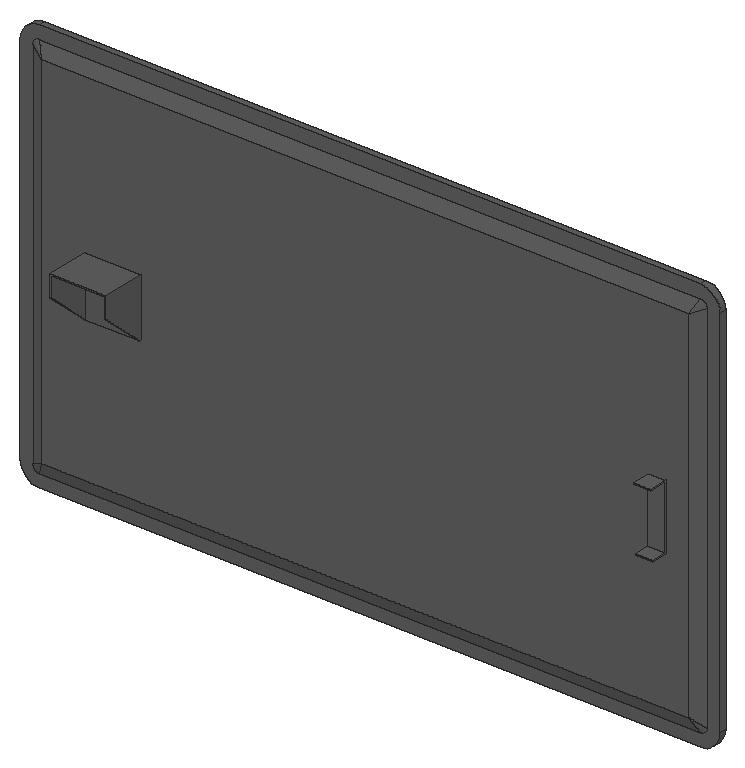
Revit family "Screen-Desk_Mounted-Teknion-JNSEEW-Felt_Elevated-R2018", category Furniture, Revit 2018
Family settings
  OmniClass Number = 23.40.20.00
  OmniClass Title = General Furniture and Specialties
  Work Plane-Based = No
  Always vertical = Yes
  Cut with Voids When Loaded = No
  Shared = Yes
  Room Calculation Point = No
Parameters (values of type "Support Connection on Right Mounting Style")
  Width [instance] = 54.000"
  Warranty = "http://www.teknion.com/ca/papers/legal-canada"
  Unit Weight URL = "http://www.teknion.com/ca/tools/assets#&asset=bee6a381-b954-425e-8283-5a2de3a804f2,f828d448-4b62-4231-9e5f-9a8991c0ed77"
  URL = "www.teknion.com"
  Sustainability Data = "http://www.teknion.com/ca/tools/assets#&topic=216f99a5-57a0-44fc-b10a-9dee9b29ae4c&asset=444deb64-fe58-4b68-981e-f75e97781df7"
  Support Connection on Right Mounting Style = yes
  Support Connection on Left Mounting Style = no
  Series = "Expansion Cityline"  # constant formula
  Right Worksurface Bracket = or(Has Worksurface Only Mounting Style, Support Connection on Left Mounting Style)  # no
  Product Page URL = "http://www.teknion.com/ca/products/product-details?productlineid=9ad2a26e-8e7a-673b-a6c8-ff05004460c4"
  Product Line = "Expansion Cityline"  # constant formula
  Product Documentation Link = "http://www.teknion.com/pricing/expansion-cityline/pdfs/JNSEEW_ppg.pdf"
  Part Number = "JNSEEW"  # constant formula
  Available Widths [instance] = if(or(Support Connection on Left Mounting Style, Support Connection on Right Mounting Style), "42, 48, 54, 60, 66, 72, 78, or 84 inches.", "24, 27, 30, 33, 36, 39, 42, 45, 48, 51, 54, 60, 63, 66, 69, 72, 75, 78, 81, or 84 inches.")  # "42, 48, 54, 60, 66, 72, 78, or 84 inches."
  Model = "JNSEEWR10____SR"
  Manufacturer Phone = "416-661-3370"  # constant formula
  Manufacturer Fax = "416.661.4586"  # constant formula
  Manufacturer Contact Information = "http://www.teknion.com/ca/contactus"
  Manufacturer Address = "1150 Flint Road, Toronto, ON. M3J 2J5. Canada"  # constant formula
  Manufacturer = "Teknion"  # constant formula
  Left Worksurface Bracket = or(Has Worksurface Only Mounting Style, Support Connection on Right Mounting Style)  # yes
  Height [instance] = 42.000"
  Has Worksurface Only Mounting Style = no
  Felt Finish [instance] = Fabric-Teknion-RB11-Carbon
  Description = "Felt Elevated Screen – Worksurface-Mounted, Support Connection on Right Mounting Style, 10\" from Floor Modesty Base Height, Standard Width Extension for Corner Application, Radius Corner Detail"
  Available Heights = "42, 51, or 57 inches."  # constant formula
  Assembly Code = "E2020200"
Types (3): name | Support Connection on Right Mounting Style | Support Connection on Left Mounting Style | Right Worksurface Bracket | Available Widths | Model | Left Worksurface Bracket | Has Worksurface Only Mounting Style | Description
  Has Worksurface Only Mounting Style | no | no | yes | "24, 27, 30, 33, 36, 39, 42, 45, 48, 51, 54, 60, 63, 66, 69, 72, 75, 78, 81, or 84 inches." | "JNSEEWW10____SR" | yes | yes | "Felt Elevated Screen – Worksurface-Mounted, Worksurface Only Mounting Style, 10\" from Floor Modesty Base Height, Standard Width Extension for Corner Application, Radius Corner Detail"
  Support Connection on Left Mounting Style | no | yes | yes | "42, 48, 54, 60, 66, 72, 78, or 84 inches." | "JNSEEWL10____SR" | no | no | "Felt Elevated Screen – Worksurface-Mounted, Support Connection on Left Mounting Style, 10\" from Floor Modesty Base Height, Standard Width Extension for Corner Application, Radius Corner Detail"
  Support Connection on Right Mounting Style | yes | no | no | "42, 48, 54, 60, 66, 72, 78, or 84 inches." | "JNSEEWR10____SR" | yes | no | "Felt Elevated Screen – Worksurface-Mounted, Support Connection on Right Mounting Style, 10\" from Floor Modesty Base Height, Standard Width Extension for Corner Application, Radius Corner Detail"
Reference planes (in)
  plane 1 "Center Front/Back": y = 0
  plane 2: z = 0
  plane 3 "Center Left/Right": x = 0
  plane 4 "Left": x = -27
  plane 5 "Right": x = 27
  plane 6 "Back": y = 0.27559
  plane 7 "Front": y = -0.27559
  plane 8 "Top": z = 42
  plane 9: y = -0.70276
  plane 10: y = 0.70276
Forms (in)
  Extrusion 1, solid, material "Fabric-Teknion-RB11-Carbon" <- "Felt Finish"
    sketch origin (54, -9.70276, 0) x (1, 0, 0) y (0, 0, 1)
      loop
        line (-28.5, 42) -> (-79.5, 42)
        arc (-79.5, 42) -> (-80.56066, 41.56066) -> (-81, 40.5) r 1.5
        line (-81, 40.5) -> (-81, 11.5)
        arc (-81, 11.5) -> (-80.56066, 10.43934) -> (-79.5, 10) r 1.5
        line (-79.5, 10) -> (-28.5, 10)
        arc (-28.5, 10) -> (-27.43934, 10.43934) -> (-27, 11.5) r 1.5
        line (-27, 11.5) -> (-27, 40.5)
        arc (-27, 40.5) -> (-27.43934, 41.56066) -> (-28.5, 42) r 1.5
    from -9.97835 to -9.42717
  Blend 2, solid, material "Fabric-Teknion-RB11-Carbon" <- "Felt Finish"
    base sketch origin (54, -0.70276, 0) x (-1, 0, 0) y (0, 0, 1)
      loop
        line (79.49996, 41) -> (28.50004, 41)
        arc (28.50004, 41) -> (28.14646, 40.85354) -> (28, 40.49996) r 0.50004
        line (28, 40.49996) -> (28, 11.50004)
        arc (28, 11.50004) -> (28.14646, 11.14646) -> (28.50004, 11) r 0.50004
        line (28.50004, 11) -> (79.49996, 11)
        arc (79.49996, 11) -> (79.85354, 11.14646) -> (80, 11.50004) r 0.50004
        line (80, 11.50004) -> (80, 40.49996)
        arc (80, 40.49996) -> (79.85354, 40.85354) -> (79.49996, 41) r 0.50004
    top sketch origin (54, -0.70276, 0) x (-1, 0, 0) y (0, 0, 1)
      loop
        line (29.04834, 39.95166) -> (29.04834, 12.04834) -> (78.95166, 12.04834) -> (78.95166, 39.95166) -> (29.04834, 39.95166)
    from 0.97835 to 1.40551
  Blend 3, solid, material "Fabric-Teknion-RB11-Carbon" <- "Felt Finish"
    base sketch origin (54, 0.70276, 0) x (-1, 0, 0) y (0, 0, -1)
      loop
        arc (79.49996, -41) -> (79.85354, -40.85354) -> (80, -40.49996) r 0.50004
        line (80, -40.49996) -> (80, -11.50004)
        arc (80, -11.50004) -> (79.85354, -11.14646) -> (79.49996, -11) r 0.50004
        line (79.49996, -11) -> (28.50004, -11)
        arc (28.50004, -11) -> (28.14646, -11.14646) -> (28, -11.50004) r 0.50004
        line (28, -11.50004) -> (28, -40.49996)
        arc (28, -40.49996) -> (28.14646, -40.85354) -> (28.50004, -41) r 0.50004
        line (28.50004, -41) -> (79.49996, -41)
    top sketch origin (54, 0.70276, 0) x (-1, 0, 0) y (0, 0, -1)
      loop
        line (29.04834, -39.95166) -> (78.95166, -39.95166) -> (78.95166, -12.04834) -> (29.04834, -12.04834) -> (29.04834, -39.95166)
    from 0.97835 to 1.40551
  Sweep 4, solid, material "Plastic - Teknion - 52 - Ebony", visible <- "Left Worksurface Bracket"
    path origin (0, 0, 0) x (1, 0, 0) y (0, 1, 0)
      loop
        line (-21.66634, -2.02559) -> (-17.33366, -2.02559)
    profile origin (-19.5, -2.02559, 0) x (0, 1, 0) y (0, 0, 1)
      loop
        line (-2.02362, 27.81102) -> (-2.02362, 26.17244) -> (1.20394, 23.28268) -> (1.32283, 23.28268) -> (1.32283, 27.81102) -> (-2.02362, 27.81102)
  Sweep 5, void
    path origin (0, 0, 0) x (1, 0, 0) y (0, 1, 0)
      loop
        line (-19.5, -4.04921) -> (-19.5, -0.82165)
    profile origin (-19.5, -2.43543, 0) x (-1, 0, 0) y (0, 0, 1)
      loop
        line (2.04823, 27.69291) -> (-2.04823, 27.69291) -> (-2.04823, 23.28268) -> (2.04823, 23.28268) -> (2.04823, 27.69291)
  Sweep 6, solid, material "Plastic - Teknion - 52 - Ebony", visible <- "Right Worksurface Bracket"
    path origin (21, 0, 0) x (1, 0, 0) y (0, 1, 0)
      loop
        line (-3.66634, -2.02559) -> (0.66634, -2.02559)
    profile origin (19.5, -2.02559, 0) x (0, 1, 0) y (0, 0, 1)
      loop
        line (-2.02362, 27.81102) -> (-2.02362, 26.17244) -> (1.20394, 23.28268) -> (1.32283, 23.28268) -> (1.32283, 27.81102) -> (-2.02362, 27.81102)
  Sweep 7, void
    path origin (21, 0, 0) x (1, 0, 0) y (0, 1, 0)
      loop
        line (-1.5, -4.04921) -> (-1.5, -0.82165)
    profile origin (19.5, -2.43543, 0) x (-1, 0, 0) y (0, 0, 1)
      loop
        line (2.04823, 27.69291) -> (-2.04823, 27.69291) -> (-2.04823, 23.28268) -> (2.04823, 23.28268) -> (2.04823, 27.69291)
  Sweep 8, solid, material "Fabric-Teknion-RB11-Carbon" <- "Felt Finish", visible <- "Support Connection on Right Mounting Style"
    path origin (0, 0, 0) x (1, 0, 0) y (0, 1, 0)
      loop
        line (23.16929, -1.42126) -> (21.83071, -1.42126)
    profile origin (22.5, -1.42126, 0) x (0, -1, 0) y (0, 0, 1)
      loop
        line (-0.64331, 22.81929) -> (-0.64331, 27.73583) -> (0.7185, 27.73583) -> (0.7185, 27.81102) -> (-0.7185, 27.81102) -> (-0.7185, 22.74409) -> (0.54134, 22.74409) -> (0.54134, 22.81929) -> (-0.64331, 22.81929)
  Sweep 9, solid, material "Fabric-Teknion-RB11-Carbon" <- "Felt Finish", visible <- "Support Connection on Left Mounting Style"
    path origin (-45, 0, 0) x (1, 0, 0) y (0, 1, 0)
      loop
        line (23.16929, -1.42126) -> (21.83071, -1.42126)
    profile origin (-22.5, -1.42126, 0) x (0, -1, 0) y (0, 0, 1)
      loop
        line (-0.64331, 22.81929) -> (-0.64331, 27.73583) -> (0.7185, 27.73583) -> (0.7185, 27.81102) -> (-0.7185, 27.81102) -> (-0.7185, 22.74409) -> (0.54134, 22.74409) -> (0.54134, 22.81929) -> (-0.64331, 22.81929)
Cuts and joins
  Sweep 5, Sweep 7 cuts Sweep 4
  Sweep 7 cuts Sweep 6
Lines and regions (in)
  Masking region 1
    outline origin (0, 0, 0) x (1, 0, 0) y (0, 1, 0)
      loop
        line (-27, 0.27559) -> (-27, -0.27559) -> (27, -0.27559) -> (27, 0.27559) -> (-27, 0.27559)
  Masking region 2
    outline origin (0, 0, 0) x (1, 0, 0) y (0, 1, 0)
      loop
        line (-26, 0.27559) -> (26, 0.27559) -> (24.95166, 0.70276) -> (-24.95166, 0.70276) -> (-26, 0.27559)
  Masking region 3
    outline origin (0, 0, 0) x (1, 0, 0) y (0, 1, 0)
      loop
        line (-24.95166, -0.70276) -> (24.95166, -0.70276) -> (26, -0.27559) -> (-26, -0.27559) -> (-24.95166, -0.70276)
  Masking region 4, visible <- "Left Worksurface Bracket"
    outline origin (0, 0, 0) x (1, 0, 0) y (0, 1, 0)
      loop
        line (-21.66634, -0.70276) -> (-21.66634, -4.04921) -> (-17.33366, -4.04921) -> (-17.33366, -0.70276) -> (-21.66634, -0.70276)
  Masking region 5, visible <- "Right Worksurface Bracket"
    outline origin (0, 0, 0) x (1, 0, 0) y (0, 1, 0)
      loop
        line (21.66634, -0.70276) -> (17.33366, -0.70276) -> (17.33366, -4.04921) -> (21.66634, -4.04921) -> (21.66634, -0.70276)
  Masking region 6, visible <- "Support Connection on Right Mounting Style"
    outline origin (0, 0, 0) x (1, 0, 0) y (0, 1, 0)
      loop
        line (21.83071, -0.70276) -> (21.83071, -2.13976) -> (23.16929, -2.13976) -> (23.16929, -0.70276) -> (21.83071, -0.70276)
  Masking region 7, visible <- "Support Connection on Left Mounting Style"
    outline origin (0, 0, 0) x (1, 0, 0) y (0, 1, 0)
      loop
        line (-23.16929, -0.70276) -> (-23.16929, -2.13976) -> (-21.83071, -2.13976) -> (-21.83071, -0.70276) -> (-23.16929, -0.70276)
  Masking region 8, visible <- "Support Connection on Right Mounting Style"
    outline origin (0, 0, 0) x (1, 0, 0) y (0, 1, 0)
      loop
        line (21.83071, -0.70276) -> (21.83071, -2.13976) -> (23.16929, -2.13976) -> (23.16929, -0.70276) -> (21.83071, -0.70276)
  reference lines, not visible
    curve 1: line (-27, 0.27559, 0) -> (27, 0.27559, 0)
    curve 2: line (-27, -0.27559, 0) -> (27, -0.27559, 0)
    curve 3: line (-27, 0.27559, 0) -> (-27, -0.27559, 0)
    curve 4: line (27, 0.27559, 0) -> (27, -0.27559, 0)
  symbolic lines, style "FurnitureHiddenLines", visible <- "Left Worksurface Bracket", detail levels fine
    curve 5: line (-21.54823, -0.82165, 0) -> (-21.54823, -4.04921, 0)
    curve 6: line (-17.45177, -0.82165, 0) -> (-21.54823, -0.82165, 0)
    curve 7: line (-17.45177, -4.04921, 0) -> (-17.45177, -0.82165, 0)
  symbolic lines, style "FurnitureHiddenLines", visible <- "Right Worksurface Bracket", detail levels fine
    curve 8: line (17.45177, -0.82165, 0) -> (17.45177, -4.04921, 0)
    curve 9: line (21.54823, -0.82165, 0) -> (17.45177, -0.82165, 0)
    curve 10: line (21.54823, -4.04921, 0) -> (21.54823, -0.82165, 0)
  symbolic lines, style "FurnitureHiddenLines", visible <- "Support Connection on Right Mounting Style", detail levels fine
    curve 11: line (21.83071, -0.77795, 0) -> (23.16929, -0.77795, 0)
    curve 12: line (21.83071, -1.9626, 0) -> (23.16929, -1.9626, 0)
  symbolic lines, style "FurnitureHiddenLines", visible <- "Support Connection on Left Mounting Style", detail levels fine
    curve 13: line (-23.16929, -0.77795, 0) -> (-21.83071, -0.77795, 0)
    curve 14: line (-23.16929, -1.9626, 0) -> (-21.83071, -1.9626, 0)
Dimensions and locks (in)
  "Width": plane 4 "Left" to plane 5 "Right"
  plane 6 "Back" to plane 1 "Center Front/Back" to plane 7 "Front" = 0.27559" locked, 0.27559" locked
  "Height": plane 8 "Top" to level
  locked: Extrusion 1 sketch curve to level at 10
  locked: Blend 3 sketch curve to plane 4 "Left" at 2.04834
  locked: plane 8 "Top" to Blend 3 sketch curve at 2.04834
  locked: Blend 3 sketch curve to plane 5 "Right" at 2.04834
  locked: plane 8 "Top" to Blend 3 sketch curve at 1
  locked: plane 8 "Top" to Blend 3 sketch curve at 1.50004  (x2)
  locked: Blend 3 sketch curve to plane 5 "Right" at 1.50004  (x2)
  locked: Blend 3 sketch curve to plane 2 at 11.50004
  locked: Blend 3 sketch curve to plane 2 at 11
  locked: Blend 3 sketch curve to plane 4 "Left" at 1.50004
  locked: Blend 3 sketch curve to plane 4 "Left" at 1
  locked: Blend 3 sketch curve to plane 5 "Right" at 1
  locked: Extrusion 1 sketch curve to plane 2 at 11.5  (x2)
  locked: Extrusion 1 sketch curve to plane 4 "Left" at 1.5  (x2)
  locked: plane 8 "Top" to Extrusion 1 sketch curve at 1.5  (x2)
  locked: Extrusion 1 sketch curve to plane 5 "Right" at 1.5  (x2)
  locked: Blend 2 sketch curve to plane 4 "Left" at 2.04834
  locked: plane 8 "Top" to Blend 2 sketch curve at 2.04834
  locked: Blend 2 sketch curve to plane 2 at 12.04834
  locked: Blend 2 sketch curve to plane 5 "Right" at 2.04834
  locked: plane 8 "Top" to Blend 2 sketch curve at 1
  locked: plane 8 "Top" to Blend 2 sketch curve at 1.50004  (x2)
  locked: Blend 2 sketch curve to plane 5 "Right" at 1.50004  (x2)
  locked: Blend 2 sketch curve to plane 4 "Left" at 1.50004  (x2)
  locked: Blend 2 sketch curve to plane 2 at 11.50004  (x2)
  locked: Blend 2 sketch curve to plane 5 "Right" at 1
  locked: Blend 2 sketch curve to plane 4 "Left" at 1
  locked: plane 1 "Center Front/Back" to plane 10 at 0.70276
  locked: plane 9 to plane 1 "Center Front/Back" at 0.70276
  equal spacing: plane 4 "Left", plane 3 "Center Left/Right", plane 5 "Right"
  Masking region 2 sketch curve to Masking region 2 sketch curve to plane 5 "Right" = 1.04834" locked, 1.000" locked
  plane 4 "Left" to Masking region 2 sketch curve to Masking region 2 sketch curve = 1.000" locked, 1.04834" locked
  Masking region 3 sketch curve to Masking region 3 sketch curve to plane 5 "Right" = 1.04834" locked, 1.000" locked
  plane 4 "Left" to Masking region 3 sketch curve to Masking region 3 sketch curve = 1.000" locked, 1.04834" locked
  locked: Blend 3 sketch curve to plane 2 at 12.04834
  plane 9 to Sweep 5 sketch curve to Sweep 5 sketch curve = 0.1189" locked, 3.22756" locked
  locked: plane 4 "Left" to Sweep 5 sketch curve at 7.5
  Sweep 5 sketch curve to Sweep 5 sketch curve to level = 4.41024" locked, 23.28268" locked
  Sweep 5 sketch curve to Sweep 5 sketch curve to plane 4 "Left" = 4.09646" locked, 5.45177" locked
  plane 4 "Left" to Sweep 4 sketch curve to Sweep 4 sketch curve = 5.33366" locked, 4.33268" locked
  locked: Sweep 4 sketch curve to plane 1 "Center Front/Back" at 2.02559
  plane 9 to Sweep 4 sketch curve to Sweep 4 sketch curve = 0.1189" locked, 3.22756" locked
  Sweep 4 sketch curve to Sweep 4 sketch curve to Sweep 4 sketch curve to level = 1.63858" locked, 2.88976" locked, 23.28268" locked
  plane 9 to Sweep 7 sketch curve to Sweep 7 sketch curve = 0.1189" locked, 3.22756" locked
  Sweep 7 sketch curve to Sweep 7 sketch curve to level = 4.41024" locked, 23.28268" locked
  plane 5 "Right" to Sweep 7 sketch curve to Sweep 7 sketch curve = 5.45177" locked, 4.09646" locked
  Sweep 6 sketch curve to Sweep 6 sketch curve to plane 5 "Right" = 4.33268" locked, 5.33366" locked
  plane 9 to Sweep 6 sketch curve to Sweep 6 sketch curve = 0.1189" locked, 3.22756" locked
  Sweep 6 sketch curve to Sweep 6 sketch curve to Sweep 6 sketch curve to level = 1.63858" locked, 2.88976" locked, 23.28268" locked
  locked: Sweep 6 sketch curve to plane 1 "Center Front/Back" at 2.02559
  locked: Sweep 7 sketch curve to plane 5 "Right" at 7.5
  Sweep 8 sketch curve to Sweep 8 sketch curve to plane 5 "Right" = 1.33858" locked, 3.83071" locked
  locked: Sweep 8 sketch curve to plane 1 "Center Front/Back" at 1.42126
  Sweep 8 sketch curve to Sweep 8 sketch curve to Sweep 8 sketch curve to Sweep 8 sketch curve to plane 2 = 0.0752" locked, 4.91654" locked, 0.0752" locked, 22.74409" locked
  Sweep 8 sketch curve to Sweep 8 sketch curve to Sweep 8 sketch curve to plane 9 = 0.17717" locked, 1.18465" locked, 0.0752" locked
  plane 4 "Left" to Sweep 9 sketch curve to Sweep 9 sketch curve = 3.83071" locked, 1.33858" locked
  Sweep 9 sketch curve to Sweep 9 sketch curve to Sweep 9 sketch curve to Sweep 9 sketch curve to level = 0.0752" locked, 4.91654" locked, 0.0752" locked, 22.74409" locked
  Sweep 9 sketch curve to Sweep 9 sketch curve to Sweep 9 sketch curve to plane 9 = 0.17717" locked, 1.18465" locked, 0.0752" locked
  locked: plane 1 "Center Front/Back" to Sweep 9 sketch curve at 1.42126
  aligned and locked: level to plane 2
  aligned and locked: Extrusion 1 sketch curve to plane 4 "Left"
  aligned and locked: Extrusion 1 sketch curve to plane 5 "Right"
  aligned and locked: plane 8 "Top" to Extrusion 1 sketch curve
  aligned and locked: Blend 2 to plane 6 "Back"
  aligned and locked: Blend 3 to plane 7 "Front"
  aligned and locked: Blend 2 to plane 10
  aligned and locked: Blend 3 to plane 9
  aligned and locked: Masking region 1 sketch curve to plane 4 "Left"
  aligned and locked: Masking region 1 sketch curve to plane 6 "Back"
  aligned and locked: Masking region 1 sketch curve to plane 7 "Front"
  aligned and locked: plane 5 "Right" to Masking region 1 sketch curve
  aligned and locked: Masking region 2 sketch curve to Blend 2  (x2)
  aligned and locked: Masking region 3 sketch curve to Blend 3  (x2)
  aligned and locked: curve 1 to plane 6 "Back"
  aligned and locked: curve 2 to plane 7 "Front"
  aligned and locked: curve 3 to plane 4 "Left"
  aligned and locked: plane 5 "Right" to curve 4
  aligned and locked: Sweep 4 sketch curve to plane 9
  aligned and locked: Sweep 6 sketch curve to plane 9
  aligned and locked: plane 9 to Sweep 8 sketch curve
  aligned and locked: Masking region 4 sketch curve to cut or joined group of Sweep 4, Sweep 5, Sweep 7  (x4)
  aligned and locked: Masking region 5 sketch curve to cut or joined group of Sweep 6, Sweep 7  (x4)
  aligned and locked: Masking region 6 sketch curve to Sweep 8  (x4)
  aligned and locked: Masking region 7 sketch curve to Sweep 9  (x4)
  aligned and locked: curve 5 to cut or joined group of Sweep 4, Sweep 5, Sweep 7
  aligned and locked: curve 6 to cut or joined group of Sweep 4, Sweep 5, Sweep 7
  aligned and locked: curve 7 to cut or joined group of Sweep 4, Sweep 5, Sweep 7
  aligned and locked: curve 8 to cut or joined group of Sweep 6, Sweep 7
  aligned and locked: curve 9 to cut or joined group of Sweep 6, Sweep 7
  aligned and locked: curve 10 to cut or joined group of Sweep 6, Sweep 7
  aligned and locked: Masking region 8 sketch curve to Sweep 8  (x4)
  aligned and locked: curve 11 to Sweep 8
  aligned and locked: curve 12 to Sweep 8
  aligned and locked: curve 13 to Sweep 9
  aligned and locked: curve 14 to Sweep 9
Automatic sketch dimensions
  Blend 3 sketch curve to Blend 3 sketch curve = 0.50004"
  Sweep 9 sketch curve to Sweep 9 sketch curve = 0.0752"
  curve 5 to plane 9 = 3.34646"
  curve 7 to curve 6 = 3.22756"
  curve 8 to plane 9 = 3.34646"
  curve 10 to curve 9 = 3.22756"
  curve 9 to curve 11 = 0.28248"
  curve 11 to curve 11 = 1.33858"
  curve 9 to curve 12 = 0.28248"
  curve 12 to curve 11 = 0.000"
  curve 13 to curve 5 = 0.28248"
  curve 13 to curve 13 = 1.33858"
  curve 14 to curve 13 = 0.000"
  curve 14 to curve 5 = 0.28248"
